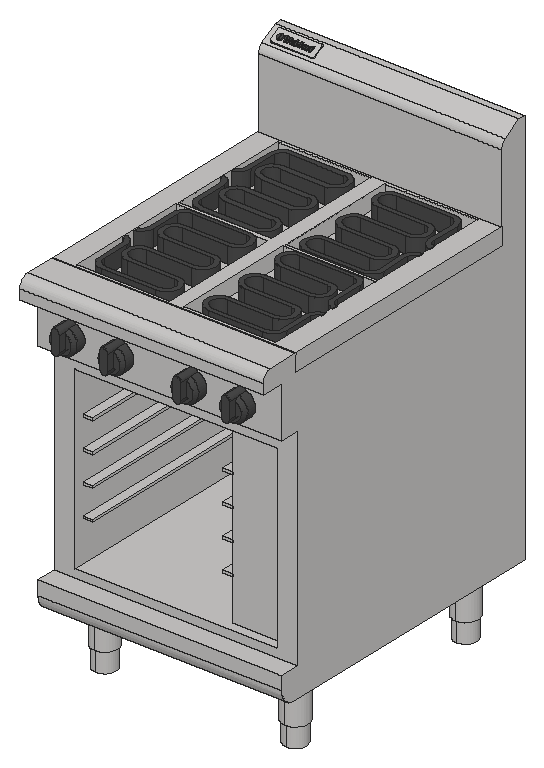
Revit family "QF_MOFFAT WALDORF_RN8400E-CB", category Specialty Equipment, Revit 2012 (continued)
Definition of nested family "WALDORF LOGO"
  Forms (mm)
    Extrusion 1, solid, material "QF_Finishes_Stainless Steel", visible <- "Show Logo"
      sketch origin (0, -15.16, 7.701) x (1, 0, 0) y (0, 0.863373, 0.504566)
        loop
          arc (109, 29.14) -> (107.536, 32.676) -> (104, 34.14) r 5
          line (104, 34.14) -> (5, 34.14)
      from 0 to 1.588
    Extrusion 2, solid, material "QF_Finishes_Black", visible <- "Show Logo"
      sketch origin (0, -15.961, 9.072) x (1, 0, 0) y (0, 0.863373, 0.504566)
        loop
          line (24.772, 23.214) -> (27.992, 10.301) -> (31.551, 10.301) -> (33.443, 17.364) -> (35.205, 10.301) -> (39.332, 10.301) -> (42.077, 23.214) -> (38.352, 23.214) -> (36.676, 15.33) -> (35, 23.214) -> (31.752, 23.214) -> (30.076, 15.33) -> (28.4, 23.214) -> (24.772, 23.214)
        loop
          line (42.272, 17.055) -> (45.703, 17.055)
          spline (45.703, 17.055) -> (45.741, 17.285) -> (45.852, 17.499) -> (46.028, 17.682) -> (46.258, 17.823) -> (46.526, 17.912) -> (46.813, 17.942) -> (47.1, 17.912) -> (47.368, 17.823) -> (47.597, 17.682) -> (47.774, 17.499) -> (47.884, 17.285) -> (47.922, 17.055)
          line (47.922, 17.055) -> (47.922, 16.222)
          arc (47.922, 16.222) -> (45.742, 16.014) -> (43.665, 15.317) r 9.604
          arc (43.665, 15.317) -> (41.924, 12.809) -> (43.665, 10.301) r 2.677
          arc (43.665, 10.301) -> (45.527, 10.353) -> (47.332, 10.816) r 8.365
          line (47.332, 10.816) -> (48.092, 11.105) -> (48.092, 10.301) -> (51.817, 10.301) -> (51.817, 17.055)
          spline (51.817, 17.055) -> (51.654, 17.821) -> (51.178, 18.535) -> (50.419, 19.148) -> (49.431, 19.619) -> (48.28, 19.914) -> (47.044, 20.015) -> (45.809, 19.914) -> (44.658, 19.619) -> (43.67, 19.148) -> (42.911, 18.535) -> (42.434, 17.821) -> (42.272, 17.055)
        loop
          line (53.151, 23.214) -> (53.151, 10.301) -> (57.37, 10.301) -> (57.37, 23.214) -> (53.151, 23.214)
        loop
          line (64.874, 23.214) -> (64.874, 18.857)
          arc (64.874, 18.857) -> (58.083, 15.11) -> (64.874, 11.363) r 4.429
          line (64.874, 11.363) -> (64.874, 10.301) -> (68.378, 10.301) -> (68.378, 23.214) -> (64.874, 23.214)
        loop
          arc (64.874, 16.083) -> (61.41, 14.987) -> (64.874, 13.891) r 1.905
          line (64.874, 13.891) -> (64.874, 16.083)
        loop
          circle (74.623, 15.223) r 5
        loop
          spline (74.623, 17.856) -> (74.355, 17.766) -> (74.105, 17.503) -> (73.891, 17.084) -> (73.726, 16.539) -> (73.623, 15.904) -> (73.588, 15.223) -> (73.623, 14.541) -> (73.726, 13.906) -> (73.891, 13.361) -> (74.105, 12.942) -> (74.355, 12.679) -> (74.623, 12.59)
          spline (74.623, 12.59) -> (74.891, 12.679) -> (75.141, 12.942) -> (75.355, 13.361) -> (75.52, 13.906) -> (75.623, 14.541) -> (75.659, 15.223) -> (75.623, 15.904) -> (75.52, 16.539) -> (75.355, 17.084) -> (75.141, 17.503) -> (74.891, 17.766) -> (74.623, 17.856)
        loop
          line (81.255, 19.813) -> (81.255, 10.301) -> (84.834, 10.301) -> (84.834, 14.176)
          arc (84.834, 14.176) -> (85.854, 16.093) -> (88.013, 16.32) r 2.313
          line (88.013, 16.32) -> (88.013, 19.813) -> (87.161, 19.813)
          arc (87.161, 19.813) -> (85.526, 19.266) -> (84.549, 17.844) r 2.717
          line (84.549, 17.844) -> (84.549, 19.813) -> (81.255, 19.813)
        loop
          line (90.249, 19.813) -> (88.91, 19.813) -> (88.91, 17.614) -> (90.249, 17.614) -> (90.249, 10.301) -> (93.998, 10.301) -> (93.998, 17.614) -> (95.418, 17.614) -> (95.418, 19.813) -> (93.998, 19.813)
          arc (93.998, 19.813) -> (94.414, 20.817) -> (95.418, 21.233) r 1.42
          line (95.418, 21.233) -> (95.418, 23.602) -> (93.317, 23.602)
          arc (93.317, 23.602) -> (91.343, 22.903) -> (90.249, 21.118) r 3.137
          line (90.249, 21.118) -> (90.249, 19.813)
        loop
          arc (15.241, 23.571) -> (8.392, 16.525) -> (15.241, 9.479) r 7.049
          line (15.241, 9.479) -> (15.241, 23.571)
        loop
          line (15.641, 23.571) -> (15.641, 9.479)
          arc (15.641, 9.479) -> (22.49, 16.525) -> (15.641, 23.571) r 7.049
        loop
          arc (47.922, 14.711) -> (46.266, 13.749) -> (47.922, 12.787) r 1.107
          line (47.922, 12.787) -> (47.922, 14.711)
      from 0 to 0.2
  Dimensions and locks
    equal spacing: plane 3 "LEFT", plane 7 "Center Y", plane 4 "RIGHT"
    plane 3 "LEFT" to plane 4 "RIGHT" = 109 mm
    equal spacing: plane 5 "FRONT", plane 8 "Center X", plane 1 "BACK"
    plane 5 "FRONT" to plane 1 "BACK" = 1.588 mm
    aligned and locked: level to plane 2
  Automatic sketch dimensions
    Extrusion 1 sketch curve to plane 3 "LEFT" = 0 mm
    Extrusion 1 sketch curve to plane 4 "RIGHT" = 0 mm
    plane 3 "LEFT" to Extrusion 1 sketch curve = 5 mm  (x2)
    plane 4 "RIGHT" to Extrusion 1 sketch curve = 5 mm  (x2)
    Extrusion 1 sketch curve to Extrusion 1 sketch curve = 24.14 mm
    Extrusion 2 sketch curve to Extrusion 2 sketch curve = 0 mm  (x14)
    Extrusion 2 sketch curve to Extrusion 1 = 15.241 mm
    Extrusion 2 sketch curve to Extrusion 2 sketch curve = 0.2 mm
    Extrusion 2 sketch curve to Extrusion 2 sketch curve = 0.4 mm
    Extrusion 2 sketch curve to Extrusion 2 sketch curve = 9.131 mm
    Extrusion 2 sketch curve to Extrusion 1 = 10.301 mm  (x2)
    Extrusion 2 sketch curve to Extrusion 2 sketch curve = 12.351 mm
    Extrusion 2 sketch curve to Extrusion 2 sketch curve = 3.628 mm
    Extrusion 2 sketch curve to Extrusion 2 sketch curve = 2.084 mm
    Extrusion 2 sketch curve to Extrusion 2 sketch curve = 3.559 mm
    Extrusion 2 sketch curve to Extrusion 1 = 10.926 mm  (x2)
    Extrusion 2 sketch curve to Extrusion 2 sketch curve = 3.352 mm  (x2)
    Extrusion 2 sketch curve to Extrusion 2 sketch curve = 3.367 mm
    Extrusion 2 sketch curve to Extrusion 2 sketch curve = 3.249 mm
    Extrusion 2 sketch curve to Extrusion 2 sketch curve = 3.654 mm
    Extrusion 2 sketch curve to Extrusion 1 = 15.33 mm
    Extrusion 2 sketch curve to Extrusion 2 sketch curve = 3.233 mm
    Extrusion 2 sketch curve to Extrusion 2 sketch curve = 4.128 mm
    Extrusion 2 sketch curve to Extrusion 2 sketch curve = 3.725 mm
    Extrusion 2 sketch curve to Extrusion 2 sketch curve = 5.596 mm
    Extrusion 2 sketch curve to Extrusion 2 sketch curve = 4.333 mm
    Extrusion 2 sketch curve to Extrusion 2 sketch curve = 1.394 mm
    Extrusion 2 sketch curve to Extrusion 2 sketch curve = 2.092 mm
    Extrusion 2 sketch curve to Extrusion 2 sketch curve = 0.936 mm
    Extrusion 2 sketch curve to Extrusion 2 sketch curve = 1.34 mm
    Extrusion 2 sketch curve to Extrusion 2 sketch curve = 1.109 mm
    Extrusion 2 sketch curve to Extrusion 2 sketch curve = 0.232 mm
    Extrusion 2 sketch curve to Extrusion 2 sketch curve = 2.731 mm
    Extrusion 2 sketch curve to Extrusion 2 sketch curve = 0.549 mm  (x2)
    Extrusion 2 sketch curve to Extrusion 2 sketch curve = 0.407 mm
    Extrusion 2 sketch curve to Extrusion 2 sketch curve = 0.76 mm
    Extrusion 2 sketch curve to Extrusion 2 sketch curve = 1.334 mm
    Extrusion 2 sketch curve to Extrusion 2 sketch curve = 4.219 mm
    Extrusion 2 sketch curve to Extrusion 2 sketch curve = 5.142 mm
    Extrusion 2 sketch curve to Extrusion 2 sketch curve = 0.803 mm
    Extrusion 2 sketch curve to Extrusion 2 sketch curve = 1.558 mm
    Extrusion 2 sketch curve to Extrusion 2 sketch curve = 3.504 mm
    Extrusion 2 sketch curve to Extrusion 2 sketch curve = 6.245 mm
    Extrusion 2 sketch curve to Extrusion 2 sketch curve = 6.632 mm
    Extrusion 2 sketch curve to Extrusion 2 sketch curve = 3.294 mm
    Extrusion 2 sketch curve to Extrusion 2 sketch curve = 3.579 mm
    Extrusion 2 sketch curve to Extrusion 2 sketch curve = 2.313 mm
    Extrusion 2 sketch curve to Extrusion 2 sketch curve = 2.612 mm
    Extrusion 2 sketch curve to Extrusion 2 sketch curve = 0.852 mm
    Extrusion 2 sketch curve to Extrusion 2 sketch curve = 0.897 mm
    Extrusion 2 sketch curve to Extrusion 2 sketch curve = 3.102 mm
    Extrusion 2 sketch curve to Extrusion 2 sketch curve = 1.338 mm
    Extrusion 2 sketch curve to Extrusion 2 sketch curve = 3.068 mm
    Extrusion 2 sketch curve to Extrusion 2 sketch curve = 0.681 mm
    Extrusion 2 sketch curve to Extrusion 2 sketch curve = 3.749 mm
    Extrusion 2 sketch curve to Extrusion 2 sketch curve = 1.42 mm
    Extrusion 2 sketch curve to Extrusion 2 sketch curve = 5.029 mm  (x2)
    Extrusion 2 sketch curve to Extrusion 1 = 9.479 mm
    Extrusion 2 sketch curve to Extrusion 2 sketch curve = 3.681 mm
    Extrusion 2 sketch curve to Extrusion 2 sketch curve = 0.515 mm
    Extrusion 2 sketch curve to Extrusion 2 sketch curve = 0.804 mm
    Extrusion 2 sketch curve to Extrusion 2 sketch curve = 1.062 mm
    Extrusion 2 sketch curve to Extrusion 2 sketch curve = 1.682 mm
    Extrusion 2 sketch curve to Extrusion 2 sketch curve = 2.508 mm
    Extrusion 2 sketch curve to Extrusion 2 sketch curve = 0.962 mm
    Extrusion 2 sketch curve to Extrusion 2 sketch curve = 2.528 mm
    Extrusion 2 sketch curve to Extrusion 2 sketch curve = 3.875 mm
    Extrusion 2 sketch curve to Extrusion 2 sketch curve = 1.096 mm
    Extrusion 2 sketch curve to Extrusion 2 sketch curve = 0.123 mm
    Extrusion 2 sketch curve to Extrusion 2 sketch curve = 4.922 mm
    Extrusion 2 sketch curve to Extrusion 2 sketch curve = 7.046 mm
    Extrusion 2 sketch curve to Extrusion 2 sketch curve = 0.833 mm
    Extrusion 2 sketch curve to Extrusion 2 sketch curve = 0.776 mm
    Extrusion 2 sketch curve to Extrusion 2 sketch curve = 2.034 mm
    Extrusion 2 sketch curve to Extrusion 2 sketch curve = 7.314 mm
    Extrusion 2 sketch curve to Extrusion 2 sketch curve = 1.295 mm
    Extrusion 2 sketch curve to Extrusion 2 sketch curve = 0.749 mm
    Extrusion 2 sketch curve to Extrusion 2 sketch curve = 2.633 mm
    Extrusion 2 sketch curve to Extrusion 2 sketch curve = 2.198 mm  (x2)
    Extrusion 2 sketch curve to Extrusion 2 sketch curve = 1.968 mm
    Extrusion 2 sketch curve to Extrusion 2 sketch curve = 0.653 mm
    Extrusion 2 sketch curve to Extrusion 2 sketch curve = 1.305 mm
    Extrusion 2 sketch curve to Extrusion 2 sketch curve = 4.357 mm
    Extrusion 2 sketch curve to Extrusion 2 sketch curve = 6.159 mm
    radius of Extrusion 2 sketch curve = 5 mm
Definition of nested family "RN8400E-CB-CASTERS"
  Parameters (values of type "BTL8450-CB-CASTERS")
    Weight = ""
    URL Manufacturer = ""
    URL Cutsheet = ""
    URL = ""
    Type Mark [instance] = ""
    Status [instance] = ""
    Specification by User [instance] = ""
    Specification by Manufacturer = ""
    Show Casters [instance] = no
    Serial Number = ""
    Seismic Rating = ""
    SMACNA No = ""
    Revision Code [instance] = ""
    Omniclass Number and Title = ""
    NAFEM Spec ID Number = ""
    Model = ""
    MasterSpec. = ""
    Manufacturer = ""
    Item Number [instance] = ""
    Installed By [instance] = ""
    Identify Quantity as Lot [instance] = yes
    Furnished By [instance] = ""
    Foodservice Equipment Identifier [instance] = yes
    Description = ""
    CSI MasterFormat = ""
    CSI Master Format = ""
    Assembly Code = ""
  Reference planes
    plane 1: z = 0
    plane 2 "RIGHT": x = 0
    plane 3 "FRONT": y = 0
    plane 4 "TOP": z = 177.8
  Forms (mm)
    Revolve 1, solid, material "QF_Finishes_Stainless Steel", visible <- "Show Casters"
      sketch origin (0, 56.335, 0) x (0, 1, 0) y (0, 0, 1)
        loop
          line (-56.335, 152.4) -> (-56.335, 141.118) -> (-23.798, 141.118) -> (-23.798, 152.4) -> (-56.335, 152.4)
        axis (-56.335, 141.118) -> (-56.335, 152.4)
      angle from 0 to 360
    Extrusion 2, solid, material "QF_Finishes_Stainless Steel", visible <- "Show Casters"
      sketch origin (-46.049, 56.335, 0) x (0, 1, 0) y (0, 0, 1)
        loop
          line (-85.799, 141.118) -> (-85.799, 133.498) -> (-82.136, 133.498)
          arc (-82.136, 133.498) -> (-79.344, 132.328) -> (-77.146, 130.248) r 8.432
          line (-77.146, 130.248) -> (-39.502, 49.52)
          arc (-39.502, 49.52) -> (-13.784, 46.107) -> (-5.673, 70.75) r 20.32
          arc (-5.673, 70.75) -> (-7.065, 73.611) -> (-8.887, 76.22) r 20.32
          arc (-8.887, 76.22) -> (-9.399, 85.377) -> (-6.626, 94.119) r 25.4
          line (-6.626, 94.119) -> (8.003, 121.632)
          arc (8.003, 121.632) -> (-2.347, 126.31) -> (-13.34, 129.167) r 66.802
          line (-13.34, 129.167) -> (-13.765, 133.498) -> (-26.871, 133.498) -> (-26.871, 141.118) -> (-85.799, 141.118)
      from 20.058 to 22.923
    Extrusion 3, solid, material "QF_Finishes_Stainless Steel", visible <- "Show Casters"
      sketch origin (3.326, 56.335, 0) x (0, 1, 0) y (0, 0, 1)
        loop
          line (-85.799, 141.118) -> (-85.799, 133.498) -> (-82.136, 133.498)
          arc (-82.136, 133.498) -> (-79.344, 132.328) -> (-77.146, 130.248) r 8.432
          line (-77.146, 130.248) -> (-39.502, 49.52)
          arc (-39.502, 49.52) -> (-13.784, 46.107) -> (-5.673, 70.75) r 20.32
          arc (-5.673, 70.75) -> (-7.065, 73.611) -> (-8.887, 76.22) r 20.32
          arc (-8.887, 76.22) -> (-9.399, 85.377) -> (-6.626, 94.119) r 25.4
          line (-6.626, 94.119) -> (8.003, 121.632)
          arc (8.003, 121.632) -> (-2.347, 126.31) -> (-13.34, 129.167) r 66.802
          line (-13.34, 129.167) -> (-13.765, 133.498) -> (-26.871, 133.498) -> (-26.871, 141.118) -> (-85.799, 141.118)
      from 20.058 to 22.923
    Extrusion 4, solid, material "QF_Finishes_Stainless Steel", visible <- "Show Casters"
      sketch origin (-49.224, 56.335, 0) x (0, 1, 0) y (0, 0, 1)
        loop
          line (-85.799, 141.118) -> (-85.799, 133.498) -> (-82.136, 133.498) -> (-18.877, 127.964) -> (7.14, 120.01) -> (8.003, 121.632)
          arc (8.003, 121.632) -> (-2.347, 126.31) -> (-13.34, 129.167) r 66.802
          line (-13.34, 129.167) -> (-13.765, 133.498) -> (-26.871, 133.498) -> (-26.871, 141.118) -> (-85.799, 141.118)
      from 26.098 to 72.56
    Revolve 5, solid, material "QF_Finishes_Stainless Steel", visible <- "Show Casters"
      sketch origin (-49.224, 30.821, 0) x (1, 0, 0) y (0, 0, 1)
        loop
          line (14.841, 63.604) -> (83.584, 63.604) -> (83.584, 67.109) -> (82.314, 68.379) -> (80.79, 68.379) -> (80.79, 71.826) -> (68.644, 71.826) -> (68.644, 81.79) -> (65.088, 83.843) -> (61.683, 104.879) -> (65.881, 104.879) -> (65.881, 111.229) -> (65.088, 111.229) -> (65.088, 117.579)
          arc (65.088, 117.579) -> (62.298, 124.314) -> (55.563, 127.104) r 9.525
          line (55.563, 127.104) -> (42.863, 127.104)
          arc (42.863, 127.104) -> (36.127, 124.314) -> (33.338, 117.579) r 9.525
          line (33.338, 117.579) -> (33.338, 111.229) -> (32.544, 111.229) -> (32.544, 104.879) -> (36.742, 104.879) -> (33.352, 83.932) -> (29.782, 81.871) -> (29.782, 71.826) -> (17.635, 71.826) -> (17.635, 68.379) -> (16.111, 68.379) -> (14.841, 67.109) -> (14.841, 63.604)
        axis (14.841, 63.604) -> (83.584, 63.604)
      angle from 0 to 360
  Cuts and joins
    joined: Extrusion 2, Extrusion 3, Extrusion 4
  Lines and regions (mm)
    symbolic lines, style "SpecialityEquipmentHiddenLines", visible <- "Show Casters"
      curve 1: line (18.009, 67.053, 0) -> (45.595, 51.127, 0)
      curve 2: line (-45.491, -42.932, 0) -> (18.009, 67.053, 0)
      curve 3: line (-17.905, -58.859, 0) -> (-45.491, -42.932, 0)
      curve 4: line (45.595, 51.127, 0) -> (-17.905, -58.859, 0)
  Dimensions and locks
    plane 4 "TOP" to level = 177.8 mm  (x2)
    Revolve 5 sketch curve to Revolve 5 sketch curve = 63.5 mm
    aligned and locked: level to plane 1
